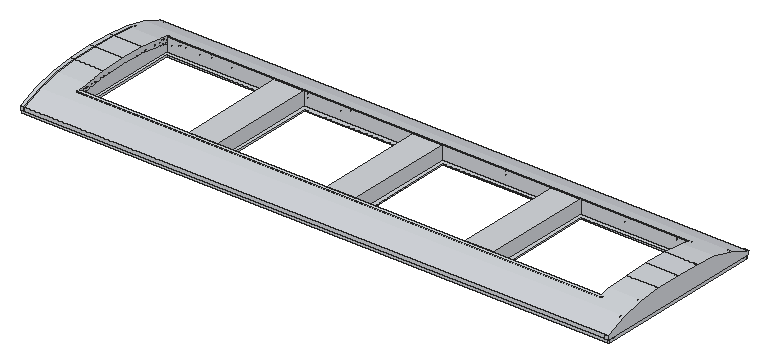
Revit family "Gira_0214334", category Electrical Fixtures, host Face, Revit 2017
Family settings
  Host = Face
  Maintain Annotation Orientation = No
  Round Connector Dimension = Use Diameter
  Part Type = Normal
  Cut with Voids When Loaded = No
  Shared = No
  Room Calculation Point = No
Parameters (values of type "Abdeckrahmen 4f Zwischenr. RW Gira Event Opak Weiß")
  Werkstoffgüte = "Thermoplast"
  Werkstoff = "Kunststoff"
  URL = "http://katalog.gira.de/de_DE/datenblatt.html?artikelnr=0214334"
  Transparent = "No"
  Textfeld/Beschriftungsfläche = "No"
  Schutzart (IP) = "IP20"
  Region = "DE"
  Oberfläche = "sonstige"
  Name = "Abdeckrahmen 4f Zwischenr. RW Gira Event Opak Weiß"
  Montagerichtung = "horizontal und vertikal"
  Mit Klappdeckel = "No"
  Manufacturer URL = "https://www.gira.de/"
  Keynote = "Event_Rahmen_4fach"
  HeinzeBIM = "https://bimportal.heinze.de/bim/abdeckrahmen-4f-zwischenr-rw-gira-event-opak-weiss/20afef93fab949eda015187adc1e1588acdc9c6a"
  Halogenfrei = "Yes"
  HAN = "0214334"
  Geeignet für Unterputz-Installation = "Yes"
  Geeignet für Unterflurkanaldose = "No"
  Geeignet für Geräteeinbaukanal = "No"
  Geeignet für Einbauinstallation = "No"
  GTIN = "4010337074809"
  Farbe = "weiß"
  Default Elevation = 1219.2 mm
  Data sheet (1) = "https://katalog.gira.de/de_DE/download.html?artikelnr=0214334"
  Category = "Abdeckrahmen"
  Befestigungsart = "Klemmbefestigung"
  Available = "Yes"
  Anzahl der Einheiten vertikal = "4 "
  Anzahl der Einheiten horizontal = "4 "
  Anzahl der Einheiten = "4 "
Reference planes
  plane 1 "Center (Front/Back)": y = 0
  plane 2: z = 0
  plane 3 "Center (Left/Right)": x = 0
Forms (mm)
  Extrusion 1, solid, detail levels fine
    sketch origin (0, 0, 0.05) x (0, 1, 0) y (0, 0, 1)
      loop
        arc (12.445, 9.683) -> (6.223, 9.833) -> (0, 9.85) r 291.636
        arc (0, 9.85) -> (-6.223, 9.833) -> (-12.445, 9.683) r 291.636
        arc (-12.445, 9.683) -> (-29.14, 7.482) -> (-45, 1.823) r 79.728
        line (-45, 1.823) -> (-45, -0.05) -> (-42.086, -0.05)
        arc (-42.086, -0.05) -> (-21.385, 5.559) -> (0, 7.206) r 114.424
        arc (0, 7.206) -> (21.385, 5.559) -> (42.086, -0.05) r 114.424
        line (42.086, -0.05) -> (45, -0.05) -> (45, 1.823)
        arc (45, 1.823) -> (29.14, 7.482) -> (12.445, 9.683) r 79.728
    from -151.95 to 151.935
  Extrusion 2, void, detail levels fine
    sketch origin (0, 0, 0) x (1, 0, 0) y (0, 1, 0)
      loop
        line (134.95, 28.035) -> (-134.95, 28.035) -> (-134.95, -28.035) -> (134.95, -28.035) -> (134.95, 28.035)
    from 0.724 to 11
  Extrusion 3, solid, detail levels coarse
    sketch origin (0, 0, 0) x (1, 0, 0) y (0, 1, 0)
      loop
        line (-151.95, 45) -> (-151.95, -45) -> (151.935, -45) -> (151.935, 45) -> (-151.95, 45)
    from -1.5 to 9.9
  Extrusion 4, solid, detail levels medium
    sketch origin (0, 0, 0.05) x (0, 1, 0) y (0, 0, 1)
      loop
        arc (12.445, 9.683) -> (6.223, 9.833) -> (0, 9.85) r 291.636
        arc (0, 9.85) -> (-6.223, 9.833) -> (-12.445, 9.683) r 291.636
        arc (-12.445, 9.683) -> (-29.14, 7.482) -> (-45, 1.823) r 79.728
        line (-45, 1.823) -> (-45, -0.05) -> (45, -0.05) -> (45, 1.823)
        arc (45, 1.823) -> (29.14, 7.482) -> (12.445, 9.683) r 79.728
    from -151.95 to 151.935
  Extrusion 5, solid, detail levels fine
    sketch origin (-106.95, 0, -1.5) x (0, 1, 0) y (0, 0, -1)
      loop
        line (45, -3.373) -> (45, -1.5) -> (-45, -1.5) -> (-45, -3.373)
        arc (-45, -3.373) -> (-29.14, -9.032) -> (-12.445, -11.233) r 79.728
        arc (-12.445, -11.233) -> (-6.223, -11.383) -> (0, -11.4) r 291.636
        arc (0, -11.4) -> (6.223, -11.383) -> (12.445, -11.233) r 291.636
        arc (12.445, -11.233) -> (29.14, -9.032) -> (45, -3.373) r 79.728
    from 43 to 45
  Extrusion 6, solid, detail levels fine
    sketch origin (0, 0, 0) x (1, 0, 0) y (0, 1, 0)
      loop
        line (-132.85, 25.7) -> (-132.85, -25.7) -> (-81.05, -25.7) -> (-81.05, 25.7) -> (-132.85, 25.7)
      loop
        line (-9.755, -25.7) -> (-9.755, 25.7) -> (-61.555, 25.7) -> (-61.555, -25.7) -> (-9.755, -25.7)
      loop
        line (-135.845, 28.49) -> (-135.845, -28.495)
        spline (-135.845, -28.495) -> (-135.836, -28.625) -> (-135.811, -28.754) -> (-135.769, -28.878) -> (-135.711, -28.995) -> (-135.638, -29.104) -> (-135.552, -29.202) -> (-135.454, -29.288) -> (-135.345, -29.361) -> (-135.228, -29.419) -> (-135.104, -29.461) -> (-134.975, -29.486) -> (-134.845, -29.495)
        line (-134.845, -29.495) -> (134.845, -29.495)
        spline (134.845, -29.495) -> (134.975, -29.486) -> (135.104, -29.461) -> (135.228, -29.419) -> (135.345, -29.361) -> (135.454, -29.288) -> (135.552, -29.202) -> (135.638, -29.104) -> (135.711, -28.995) -> (135.769, -28.878) -> (135.811, -28.754) -> (135.836, -28.625) -> (135.845, -28.495)
        line (135.845, -28.495) -> (135.845, 28.49)
        spline (135.845, 28.49) -> (135.836, 28.62) -> (135.811, 28.748) -> (135.769, 28.872) -> (135.711, 28.99) -> (135.638, 29.098) -> (135.552, 29.197) -> (135.454, 29.283) -> (135.345, 29.356) -> (135.228, 29.413) -> (135.104, 29.456) -> (134.975, 29.481) -> (134.845, 29.49)
        line (134.845, 29.49) -> (-134.845, 29.49)
        spline (-134.845, 29.49) -> (-134.975, 29.481) -> (-135.104, 29.456) -> (-135.228, 29.413) -> (-135.345, 29.356) -> (-135.454, 29.283) -> (-135.552, 29.197) -> (-135.638, 29.098) -> (-135.711, 28.99) -> (-135.769, 28.872) -> (-135.811, 28.748) -> (-135.836, 28.62) -> (-135.845, 28.49)
      loop
        line (61.545, -25.7) -> (61.545, 25.7) -> (9.745, 25.7) -> (9.745, -25.7) -> (61.545, -25.7)
      loop
        line (132.85, -25.7) -> (132.85, 25.7) -> (81.05, 25.7) -> (81.05, -25.7) -> (132.85, -25.7)
    from 0.1 to 7.3
  Extrusion 7, solid
    sketch origin (0, 0, 0) x (1, 0, 0) y (0, 1, 0)
      loop
        arc (-151.65, -44.218) -> (-151.504, -44.572) -> (-151.15, -44.718) r 0.5
        line (-151.15, -44.718) -> (151.15, -44.718)
        arc (151.15, -44.718) -> (151.504, -44.572) -> (151.65, -44.218) r 0.5
        line (151.65, -44.218) -> (151.65, 44.182)
        arc (151.65, 44.182) -> (151.504, 44.535) -> (151.15, 44.682) r 0.5
        line (151.15, 44.682) -> (-151.15, 44.682)
        arc (-151.15, 44.682) -> (-151.504, 44.535) -> (-151.65, 44.182) r 0.5
        line (-151.65, 44.182) -> (-151.65, -44.218)
      loop
        line (-149.95, 42.982) -> (-149.95, -43.018) -> (149.95, -43.018) -> (149.95, 42.982) -> (-149.95, 42.982)
    from -1.5 to 0.5
  Extrusion 8, solid, detail levels fine
    sketch origin (106.935, 0, -1.5) x (0, 1, 0) y (0, 0, 1)
      loop
        arc (45, 3.373) -> (29.14, 9.032) -> (12.445, 11.233) r 79.728
        arc (12.445, 11.233) -> (6.223, 11.383) -> (0, 11.4) r 291.636
        arc (0, 11.4) -> (-6.223, 11.383) -> (-12.445, 11.233) r 291.636
        arc (-12.445, 11.233) -> (-29.14, 9.032) -> (-45, 3.373) r 79.728
        line (-45, 3.373) -> (-45, 1.5) -> (45, 1.5) -> (45, 3.373)
    from 43 to 45
  Extrusion 9, solid, detail levels medium
    sketch origin (0, 0, 0) x (1, 0, 0) y (0, 1, 0)
      loop
        line (-151.65, -44.718) -> (151.65, -44.718) -> (151.65, 44.682) -> (-151.65, 44.682) -> (-151.65, -44.718)
    from -1.5 to 0.5
  Extrusion 10, solid, detail levels fine
    sketch origin (-69.857, 0, 0) x (1, 0, 0) y (0, 1, 0)
      loop
        line (-8.943, 28.063) -> (-8.943, -27.937) -> (6.057, -27.937) -> (6.057, 28.063) -> (-8.943, 28.063)
    from 0.724 to 7.566
  Extrusion 11, solid, detail levels fine
    sketch origin (-1.443, 0, 0) x (-1, 0, 0) y (0, -1, 0)
      loop
        line (-8.943, -28.063) -> (6.057, -28.063) -> (6.057, 27.937) -> (-8.943, 27.937) -> (-8.943, -28.063)
    from 0.724 to 7.566
  Extrusion 12, solid, detail levels fine
    sketch origin (69.857, 0, 0) x (-1, 0, 0) y (0, -1, 0)
      loop
        line (-8.943, -28.063) -> (6.057, -28.063) -> (6.057, 27.937) -> (-8.943, 27.937) -> (-8.943, -28.063)
    from 0.724 to 7.566
Cuts and joins
  Extrusion 2 cuts Extrusion 1
  Extrusion 2 cuts Extrusion 6
Dimensions and locks
  aligned and locked: plane 2 to host face
  aligned and locked: level to host face
